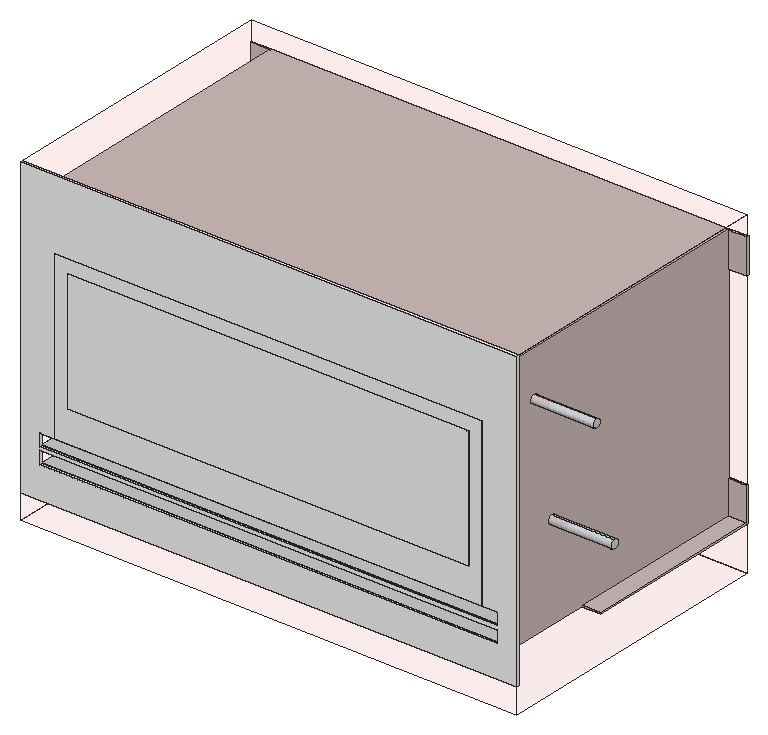
Revit family "Air-Curtain_Customer-Entry_PoweredAire_ECC-ST", category Mechanical Equipment, host Face, Revit 2017
Family settings
  Host = Face
  Round Connector Dimension = Use Diameter
  Part Type = Normal
  OmniClass Number = 23.75.35.17.21
  OmniClass Title = Air Curtains
  Cut with Voids When Loaded = No
  Shared = No
  Room Calculation Point = No
Parameters
  upperpiperotation [instance] = if(Upper Pipe Connection Side A, 0.00°, 180.00°)  # 0.00°
  lowerpiperotation [instance] = if(Lower Pipe Connection Side A, 0.00°, 180.00°)  # 0.00°
  locateupperpipe [instance] = if(Upper Pipe Connection Side A, 0' 0", Nozzle Width)  # 0' - 0"
  locatelowerpipe [instance] = if(Lower Pipe Connection Side A, 0' 0", Nozzle Width)  # 0' - 0"
  Warranty Duration (Years) = 0
  Upper Pipe Connection Side A [instance] = yes
  Unit Width Notes = "Other Widths available."  # constant formula
  Unit Width = 3' - 3"
  Unit Weight = 0
  Unit Height = 1' - 10 3/4"
  Unit Depth = 1' - 11 1/4"
  URL = "http://www.poweredaire.com/"
  Test Data = ""
  Standards Conformance = "as Specified"
  Specification = "http://www.arcat.com/sdspecs/htm04/23_34_33pai.htm"
  SpecWizard = ""
  Sound Pressure = "as Specified"
  Sales Information = "http://www.poweredaire.com/contact_us"
  Revision = "R1_2016-08"
  Projection from Host [instance] = 0' - 2"
  Product Properties = ""
  Product Data = "http://www.arcat.com/arcatcos/cos47/arc47623.html"
  Power Rating = 0 W
  Piping_Water Flow [instance] = 0 GPM
  Piping_Operating Pressure [instance] = 0.00 psi
  Piping_Exit Temperature [instance] = 0 °F
  Piping_Entry Temperature [instance] = 0 °F
  Pipe OD [instance] = 5/8"
  Nozzle Width = if(1 = 1, Unit Width - 0' 3", 0' 0")  # 3' - 0"
  Mounting Width = if(1 = 1, Unit Width - 0' 1 1/2", 0' 0")  # 3' - 1 1/2"
  Mounting Height [instance] = 3' - 6"
  Motor RPM = 0
  Motor HP = 0
  Motor Count = 0
  Model = "As Specified"
  Max Height = 0' - 0"
  Manufacturer Website = "http://www.poweredaire.com/"
  Manufacturer Phone - Toll Free = "888-321-2473"
  Manufacturer Phone = "724-588-3305"
  Manufacturer Fax = "724-588-3371"
  Manufacturer Address = "109 Mortensen Rd.  Greenville, PA 16125"
  Manufacturer = "Powered Aire, Inc"
  Maintenance Schedule (Months) = 0
  Lower Pipe Connection Side A [instance] = yes
  Keynote = "23 34 33"
  Installation-Fabrication = ""
  Installation Phase = ""
  Include Clearance [instance] = yes
  Heating Element Load = 0 W
  HVAC_Temperature Rise = 0 °F
  HVAC_Outlet Volume = 0 CFM
  HVAC_Outlet Velocity Uniformity = 0
  HVAC_Outlet Velocity = 0 FPM
  HVAC_BTU Input = 0.0 Btu/h
  Green Building-LEED = "http://www.arcat.com/green/clients/leed_data_47623.html"
  Front Grating Material [instance] = Metal - Steel - PoweredAire - White Perforated
  Frame Finish [instance] = Metal - Steel - PoweredAire - Stainless 304
  Expected Lifespan (Years) = 0
  Electrical_Wattage [instance] = Power Rating + Heating Element Load  # 0 W
  Electrical_Voltage [instance] = 0 V
  Electrical_Phase [instance] = 1
  Electrical_Frequency [instance] = 0 Hz
  Electrical_Amperage [instance] = 0 A
  Drawn By = "Sumex Design, Inc. / Robert S. Weygant, CSI, CDT, SCIP"
  Description = "Powered Aire Air Curtain as Specified"
  Default Elevation = 0' - 0"  # constant formula
  Cover Finish [instance] = Metal - Steel - PoweredAire - White
  Copyright = "©Arcat Inc."
  Construction Details = "http://www.arcat.com/details/powair/prod3336.html"
  Clearance_Top [instance] = 0' - 0"
  Clearance_Side B [instance] = 0' - 0"
  Clearance_Side A [instance] = 0' - 0"
  Clearance_Intake [instance] = 0' - 0"
  Clearance_Front [instance] = 0' - 0"
  Clearance Material [instance] = ARCAT Clearance
  Building Codes = ""
  Available Options [instance] = "as Specified"
  Assembly Code = "D3090400"
Reference planes (in)
  plane 1 "Center (Elevation)": y = 11.51318
  plane 2: z = 0
  plane 3 "Center (Left/Right)": x = 0
  plane 4: y = 22.88818
  plane 5: y = 0.13818
  plane 6: x = -19.5
  plane 7: x = 19.5
  plane 8: z = 25.25
  plane 9 "FF": y = -41.86182
  plane 10: z = 2
  plane 11: x = 18
  plane 12: x = -18
  plane 13: y = 22.88818
  plane 14: y = 0.13818
  plane 15: x = -19.5
  plane 16: x = 19.5
  plane 17: z = 25.25
  plane 18: y = 0.38818
  plane 19: x = 18
  plane 20: x = 18
  plane 21: z = 20.25
  plane 22: z = 11
Forms (in)
  Extrusion 1, solid, material "ARCAT Clearance" <- "Clearance Material", visible <- "Include Clearance"
    sketch origin (0, 0, 0) x (0, 1, 0) y (0, 0, 1)
      loop
        line (0.13818, 25.25) -> (0.13818, 0) -> (22.88818, 0) -> (22.88818, 25.25) -> (0.13818, 25.25)
    from -19.5 to 19.5
  Extrusion 2, solid, material "Metal - Steel - PoweredAire - White" <- "Cover Finish"
    sketch origin (0, 11.51318, 0) x (1, 0, 0) y (0, 0, 1)
      loop
        line (-19.5, 25.25) -> (-19.5, 2) -> (19.5, 2) -> (19.5, 25.25) -> (-19.5, 25.25)
    from 11.125 to 11.375
  Extrusion 3, solid, material "Metal - Steel - PoweredAire - Stainless 304" <- "Frame Finish"
    sketch origin (0, 11.51318, 0) x (1, 0, 0) y (0, 0, 1)
      loop
        line (18, 23.75) -> (-18, 23.75) -> (-18, 3.5) -> (18, 3.5) -> (18, 23.75)
    from -11.375 to 11.125
  Extrusion 4, void
    sketch origin (0, 0, 0) x (0, 1, 0) y (0, 0, 1)
      loop
        line (0.13818, 5.5) -> (0.13818, 4.5) -> (1.88818, 4.5) -> (1.88818, 6.75) -> (0.13818, 6.75) -> (0.13818, 5.75) -> (1.63818, 5.75) -> (1.63818, 5.5) -> (0.13818, 5.5)
    from -18 to 18
  Extrusion 5, solid, material "Metal - Steel - PoweredAire - White" <- "Cover Finish"
    sketch origin (-11.83813, 0.13818, 48) x (-1, 0, 0) y (0, 0, 1)
      loop
        line (4.91187, -41.25) -> (4.91187, -28.25) -> (-28.58813, -28.25) -> (-28.58813, -41.25) -> (4.91187, -41.25)
    from 0 to -0.03125
  Extrusion 6, solid, material "Metal - Steel - PoweredAire - White Perforated" <- "Front Grating Material"
    sketch origin (-11.83813, 0.10693, 48) x (1, 0, 0) y (0, 0, 1)
      loop
        line (-3.91187, -29.25) -> (-3.91187, -38.75) -> (27.58813, -38.75) -> (27.58813, -29.25) -> (-3.91187, -29.25)
    from 0 to 0.03125
  Extrusion 7, solid, material "Metal - Steel - PoweredAire - Stainless 304" <- "Frame Finish"
    sketch origin (-15.17702, -180, 2) x (-1, 0, 0) y (0, -1, 0)
      loop
        line (-33.17702, -202.88818) -> (-33.17702, -188.38818) -> (-34.67702, -188.38818) -> (-34.67702, -202.88818) -> (-33.17702, -202.88818)
      loop
        line (2.82298, -202.88818) -> (4.32298, -202.88818) -> (4.32298, -188.38818) -> (2.82298, -188.38818) -> (2.82298, -202.88818)
    from 1.5 to 1.625
  Extrusion 8, solid, material "Metal - Steel - PoweredAire - Stainless 304" <- "Frame Finish"
    sketch origin (-11.83813, 22.88818, 48) x (-1, 0, 0) y (0, 0, 1)
      loop
        line (7.66187, -44.5) -> (7.66187, -41.75) -> (6.16187, -41.75) -> (6.16187, -44.5) -> (7.66187, -44.5)
      loop
        line (-31.33813, -44.5) -> (-29.83813, -44.5) -> (-29.83813, -41.75) -> (-31.33813, -41.75) -> (-31.33813, -44.5)
      loop
        line (7.66187, -27) -> (7.66187, -24.25) -> (6.16187, -24.25) -> (6.16187, -27) -> (7.66187, -27)
      loop
        line (-31.33813, -27) -> (-29.83813, -27) -> (-29.83813, -24.25) -> (-31.33813, -24.25) -> (-31.33813, -27)
    from 0 to -0.125
  Sweep 9, solid
    path origin (18, 11.51318, 20.25) x (1, 0, 0) y (0, 0, 1)
      loop
        line (0, 0) -> (5, 0)
    profile origin (20.5, 11.51318, 20.25) x (0, 0, 1) y (0, -1, 0)
      loop
        circle (0, 7.875) r 0.3125
  Sweep 10, solid
    path origin (18, 11.51318, 11) x (1, 0, 0) y (0, 0, 1)
      loop
        line (0, 0) -> (5, 0)
    profile origin (20.5, 11.51318, 11) x (0, 0, 1) y (0, -1, 0)
      loop
        circle (0, 6.125) r 0.3125
Cuts and joins
  Extrusion 4 cuts Extrusion 1
  Extrusion 4 cuts Extrusion 2
  Extrusion 4 cuts Extrusion 3
Lines and regions (in)
  reference lines
    curve 1: line (18, 11.51318, 20.25) -> (25.75, 11.51318, 20.25)
    curve 2: line (18, 11.51318, 11) -> (26.25, 11.51318, 11)
Dimensions and locks (in)
  equal spacing: plane 4, plane 1 "Center (Elevation)", plane 5
  "Unit Height": plane 4 to plane 5
  equal spacing: plane 6, plane 3 "Center (Left/Right)", plane 7
  "Unit Width": plane 6 to plane 7
  "Mounting Height": plane 5 to plane 9 "FF"
  "Projection from Host": plane 10 to level
  "Unit Depth": plane 8 to plane 10
  locked: plane 6 to plane 12 at 1.5
  locked: plane 11 to plane 7 at 1.5
  "Clearance_Side A": plane 7 to plane 16
  "Clearance_Side B": plane 15 to plane 6
  "Clearance_Top": plane 13 to plane 4
  "Clearance_Intake": plane 5 to plane 14
  "Clearance_Front": plane 17 to plane 8
  locked: plane 8 to Extrusion 3 sketch curve at 1.5
  locked: Extrusion 3 sketch curve to plane 10 at 1.5
  locked: plane 7 to Extrusion 3 sketch curve at 1.5
  locked: Extrusion 3 sketch curve to plane 6 at 1.5
  locked: plane 18 to plane 5 at 0.25
  Extrusion 4 sketch curve to Extrusion 4 sketch curve to Extrusion 4 sketch curve to Extrusion 4 sketch curve to plane 10 = 0' - 1" locked, 0' - 0 1/4" locked, 0' - 1" locked, 0' - 2 1/2" locked
  Extrusion 5 sketch curve to Extrusion 5 sketch curve to plane 10 = 1' - 1" locked, 0' - 4 3/4" locked
  locked: plane 11 to Extrusion 5 sketch curve at 1.25
  locked: Extrusion 5 sketch curve to plane 12 at 1.25
  Extrusion 6 sketch curve to Extrusion 6 sketch curve to plane 10 = 0' - 9 1/2" locked, 0' - 7 1/4" locked
  locked: Extrusion 6 sketch curve to plane 12 at 2.25
  locked: plane 11 to Extrusion 6 sketch curve at 2.25
  locked: plane 4 to Extrusion 7 sketch curve at 14.5  (x2)
  Extrusion 8 sketch curve to Extrusion 8 sketch curve to Extrusion 8 sketch curve to Extrusion 8 sketch curve to plane 10 = 0' - 2 3/4" locked, 1' - 2 3/4" locked, 0' - 2 3/4" locked, 0' - 1 1/2" locked  (x2)
  "locatelowerpipe": plane 19 to plane 11
  "locateupperpipe": plane 20 to plane 11
  locked: plane 8 to plane 21 at 5
  locked: plane 22 to plane 10 at 9
  locked: curve 1 to Sweep 9 sketch curve at 5
  locked: curve 1 to Sweep 9 sketch curve
  locked: curve 2 to Sweep 10 sketch curve at 5
  locked: curve 2 to Sweep 10 sketch curve
  locked: plane 5 to Sweep 9 sketch curve at 3.5
  locked: plane 5 to Sweep 10 sketch curve at 5.25
  "lowerpiperotation": angle plane 21 to curve 1
  "upperpiperotation": angle plane 22 to curve 2
  aligned and locked: plane 2 to host face
  aligned and locked: level to host face
  aligned and locked: Extrusion 1 sketch curve to plane 17
  aligned and locked: plane 14 to Extrusion 1 sketch curve
  aligned and locked: level to Extrusion 1 sketch curve
  aligned and locked: Extrusion 1 sketch curve to plane 13
  aligned and locked: plane 16 to Extrusion 1
  aligned and locked: Extrusion 1 to plane 15
  aligned and locked: Extrusion 2 sketch curve to plane 8
  aligned and locked: plane 6 to Extrusion 2 sketch curve
  aligned and locked: Extrusion 2 sketch curve to plane 10
  aligned and locked: Extrusion 2 sketch curve to plane 7
  aligned and locked: Extrusion 3 to plane 4
  aligned and locked: Extrusion 3 to plane 18
  aligned and locked: Extrusion 2 to plane 18
  aligned and locked: Extrusion 2 to plane 5
  aligned and locked: plane 11 to Extrusion 4
  aligned and locked: Extrusion 4 to plane 12
  aligned and locked: Extrusion 7 sketch curve to plane 4  (x2)
  aligned and locked: plane 20 to curve 2
  aligned and locked: plane 22 to curve 2
  aligned and locked: plane 19 to curve 1
  aligned and locked: plane 21 to curve 1
Automatic sketch dimensions
  host sketch curve to host sketch curve = 8' - 0"  (x2)
  Extrusion 4 sketch curve to plane 5 = 0' - 0"  (x2)
  plane 18 to Extrusion 4 sketch curve = 0' - 1 1/4"
  Extrusion 4 sketch curve to Extrusion 4 sketch curve = 0' - 0 1/4"
  Extrusion 7 sketch curve to plane 7 = 0' - 0"
  Extrusion 7 sketch curve to plane 11 = 0' - 0"
  Extrusion 7 sketch curve to plane 12 = 0' - 0"
  Extrusion 7 sketch curve to plane 6 = 0' - 0"
  Extrusion 8 sketch curve to plane 7 = 0' - 0"  (x2)
  Extrusion 8 sketch curve to plane 11 = 0' - 0"  (x2)
  Extrusion 8 sketch curve to plane 12 = 0' - 0"  (x2)
  Extrusion 8 sketch curve to plane 6 = 0' - 0"  (x2)
  profile plane to Sweep 9 sketch curve = 0' - 0"
  profile plane to Sweep 10 sketch curve = 0' - 0"
  radius of Sweep 9 sketch curve = 0' - 0 5/16"
  radius of Sweep 10 sketch curve = 0' - 0 5/16"
Connectors (in)
  electrical at (-18, 6.38818, 9.625), driven by "Electrical_Voltage", driven by "Electrical_Phase"
    settings: on cut or joined group of Extrusion 3, Extrusion 4, index 1, voltage 0 V, apparent load 0 VA, apparent load phase1 0 VA, apparent load phase2 0 VA, apparent load phase3 0 VA, power factor 1, load classification "Other", number of poles 1, system type 31, power factor state 1, is connector primary yes, connector utility no, sub classification motor no, connector description ""
  piping at (23, 3.63818, 20.25), diameter 0.625, driven by "Pipe OD"
    settings: on Sweep 9, index 2, connector inside diameter 24", connector length 0' - 0", flow factor 0, pipe flow 0 GPM, pressure drop 0.00 psi, fitting loss kfactor 0, connector angle 0.00°, fixture units 0, engagement length 0' - 0", angle of deflection 0.00°, flow configuration 0, flow direction 0, fitting loss method 0, system type 29, joint type 0, gender type 0, connector reference index -1, connector utility 0, adjustable connector no, is connector primary no, connector description "Define Supply or Return and Location"
  piping at (23, 5.38818, 11), diameter 0.625, driven by "Pipe OD"
    settings: on Sweep 10, index 3, connector inside diameter 24", connector length 0' - 0", flow factor 0, pipe flow 0 GPM, pressure drop 0.00 psi, fitting loss kfactor 0, connector angle 0.00°, fixture units 0, engagement length 0' - 0", angle of deflection 0.00°, flow configuration 0, flow direction 0, fitting loss method 0, system type 29, joint type 0, gender type 0, connector reference index -1, connector utility 0, adjustable connector no, is connector primary yes, connector description "Define Supply or Return and Location"
